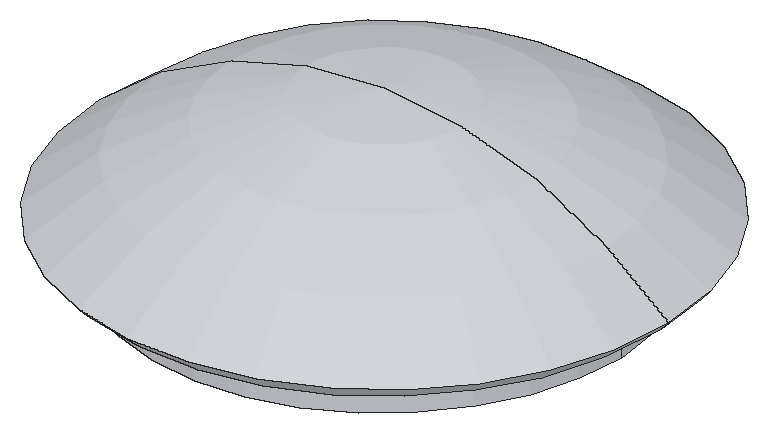
Revit family "0043434", category Lighting Fixtures, host Face, Revit 2017
Family settings
  Host = Face
  Round Connector Dimension = Use Diameter
  Part Type = Normal
  OmniClass Number = 23.80.70.00
  OmniClass Title = Lighting
  Cut with Voids When Loaded = No
  Light Source = Yes
  Shared = No
  Room Calculation Point = No
Parameters (values of type "0043434_3000K START eco Surface IP44 2050LM DIM 830/840 DT")
  YIN_SENSOR_SYL = no
  YIN_360_SYL = yes
  YIN_330_SYL = no
  YIN_250_SYL = no
  YIN_180_SYL = no
  Weight = "3.54 kg"
  Wattage Comments = ""
  Wattage = 24 W
  WarrantyStartDate [instance] = "n/a"
  WarrantyGuarantorParts = "n/a"
  WarrantyDurationUnit = "n/a"
  WarrantyDurationParts = "n/a"
  WarrantyDescription = "n/a"
  built-in parameter 1150110 = 1 (stored number, unit not read)
  Voltage = 0 V
  URL = "http://www.sylvania-lighting.com"
  TypeName = "Start eco Surface IP44 2050lm DIM 830/840 DualTone"
  Type Image = <None>
  Type Comments = "n/a"
  built-in parameter 1114217 = 1 (stored number, unit not read)
  Tilt Angle = -90.00°
  built-in parameter 1150109 = 1 (stored number, unit not read)
  built-in parameter 1150134 = (empty or 0)
  built-in parameter 1150113 = 1 (stored number, unit not read)
  SerialNumber [instance] = "n/a"
  SENSOR_SYL = 12 mm
  Photometric Web File = "0043434_3000K.ies"
  Material_3_SYL = none
  PowerFactor = 0
  PowerConsumption = "n/a"
  NominalLength = 360 mm
  NominalHeight = 100 mm
  NominalDepth = 360 mm
  Name = "Start eco Surface IP44 2050lm DIM 830/840 DualTone"
  ModelReference = Name  # "Start eco Surface IP44 2050lm DIM 830/840 DualTone"
  ModelNumber = "0043434"
  Model = Name  # "Start eco Surface IP44 2050lm DIM 830/840 DualTone"
  Material = "steel housing, other diffuser"
  ManufacturerName = "Feilo Sylvania"
  Manufacturer = "Feilo Sylvania"
  LuminousEfficacy = "n/a"
  built-in parameter 1150105 = (empty or 0)
  Lumens = 0 lm
  LuminaireType = ""
  built-in parameter 1150115 = 1 (stored number, unit not read)
  LightOutputRatio = "n/a"
  built-in parameter 1150137 = (empty or 0)
  built-in parameter 1150139 = (empty or 0)
  LampsType = Lamp  # "LED"
  LampNominalLuminous = "2050 lm"
  LampMacAdamStep = "6"
  LampColourTemperature = "3000 K"
  LampColourRenderingIndex = "80"
  built-in parameter 1150112 = 1 (stored number, unit not read)
  built-in parameter 1150114 = 1 (stored number, unit not read)
  Lamp = "LED"
  LUM_R_SYL = if(YIN_180_SYL, 90 mm, if(YIN_250_SYL, 125 mm, if(YIN_330_SYL, 165 mm, if(YIN_360_SYL, 180 mm, 180 mm))))  # 180 mm
  LUM_R_HEIGHT_SYL = LUM_H_SYL - 30 mm  # 70 mm
  LUM_H_SYL = if(YIN_180_SYL, 75 mm, if(YIN_250_SYL, 80 mm, if(YIN_330_SYL, 96 mm, if(YIN_360_SYL, 100 mm, 100 mm))))  # 100 mm
  Keynote = "16500"
  InstallationDate [instance] = "n/a"
  InputVoltage = "n/a"
  InputNominalFrequency = "n/a"
  built-in parameter 1150132 = (empty or 0)
  built-in parameter 1150102 = (empty or 0)
  built-in parameter 1150107 = 3000 (stored number, unit not read)
  built-in parameter 1150138 = (empty or 0)
  IngressProtection = "IP44"
  ImpactProtectionIndex = "IK03"
  built-in parameter 1150106 = 1.0982 (stored number, unit not read)
  IfcExportType = "IfcLightFixtureType"
  IfcExportAs = "IfcLightFixtureType"
  Emit from Circle Diameter = 609.6 mm
  Emit Shape Visible in Rendering = no
  ElectricShockClassification = "Class I"
  built-in parameter 1150104 = (empty or 0)
  DocumentationLiterature = "http://www.sylvania-lighting.com/product/en-int/products/0043434"
  DimmingControlOptions = "n/a"
  Material_2_SYL = none
  Dimming Lamp Color Temperature Shift = <None>
  Description = ""
  Default Elevation = 1219.2 mm
  CreatedOn = "8/18/2020"
  CreatedBy = "@sylvania-lighting.com"
  Cost = 0
  Color Filter = 16777215
  built-in parameter 1114216 [instance] = (empty or 0)
  ClassificationValue = "EF_70_80"
  ClassificationName = "Uniclass2015"
  Material_1_SYL = none
  BarCode [instance] = "n/a"
  built-in parameter 1114218 = 1 (stored number, unit not read)
  BOTTOM_R_SYL = if(YIN_180_SYL, 76 mm, if(YIN_250_SYL, 110 mm, if(YIN_330_SYL, 150 mm, if(YIN_360_SYL, 150 mm, 150 mm))))  # 150 mm
  BOTTOM_HEIGHT_SYL = LUM_H_SYL - 15 mm  # 85 mm
  built-in parameter 1150133 = 10 (stored number, unit not read)
  AssetType = "Fixed"
  AssetIdentifier [instance] = "n/a"
  Assembly Code = "D5020200"
  Apparent Load = 0 VA
  Material_4_SYL = none
Types (16, lengths in mm): name | YIN_360_SYL | YIN_330_SYL | YIN_250_SYL | YIN_180_SYL | Weight | Wattage | TypeName | built-in parameter 1150134 | Photometric Web File | PowerFactor | PowerConsumption | NominalLength | NominalHeight | NominalDepth | Name | ModelReference | ModelNumber | Model | LuminousEfficacy | built-in parameter 1150105 | Lumens | LampNominalLuminous | LampColourTemperature | LUM_R_SYL | LUM_R_HEIGHT_SYL | LUM_H_SYL | built-in parameter 1150107 | built-in parameter 1150106 | built-in parameter 1150104 | DocumentationLiterature | BOTTOM_R_SYL | BOTTOM_HEIGHT_SYL | Apparent Load
  0043436_3000K START eco Surface IP44 2050LM MW 830/840 DT | yes | no | no | no | "3.42 kg" | 24 W | "Start eco Surface IP44 2050lm MW 830/840 DualTone" | (empty or 0) | "0043436_3000K.ies" | 0 | "n/a" | 360 | 100 | 360 | "Start eco Surface IP44 2050lm MW 830/840 DualTone" | "Start eco Surface IP44 2050lm MW 830/840 DualTone" | "0043436" | "Start eco Surface IP44 2050lm MW 830/840 DualTone" | "n/a" | (empty or 0) | 0 lm | "2050 lm" | "3000 K" | 180 | 70 | 100 | 3000 (stored number, unit not read) | 1.0982 (stored number, unit not read) | (empty or 0) | "http://www.sylvania-lighting.com/product/en-int/products/0043436" | 150 | 85 | 0 VA
  0043435_4000K START eco Surface IP44 1550LM MW 830/840 DT | no | yes | no | no | "3.42 kg" | 18 W | "Start eco Surface IP44 1550lm MW 830/840 DualTone" | 12 | "0043435_4000K.ies" | 0 | "n/a" | 330 | 96 | 330 | "Start eco Surface IP44 1550lm MW 830/840 DualTone" | "Start eco Surface IP44 1550lm MW 830/840 DualTone" | "0043435" | "Start eco Surface IP44 1550lm MW 830/840 DualTone" | "n/a" | (empty or 0) | 0 lm | "1550 lm" | "4000 K" | 165 | 66 | 96 | 4000 (stored number, unit not read) | 1.0982 (stored number, unit not read) | (empty or 0) | "http://www.sylvania-lighting.com/product/en-int/products/0043435" | 150 | 81 | 0 VA
  0043435_3000K START eco Surface IP44 1550LM MW 830/840 DT | no | yes | no | no | "3.42 kg" | 18 W | "Start eco Surface IP44 1550lm MW 830/840 DualTone" | (empty or 0) | "0043435_3000K.ies" | 0 | "n/a" | 330 | 96 | 330 | "Start eco Surface IP44 1550lm MW 830/840 DualTone" | "Start eco Surface IP44 1550lm MW 830/840 DualTone" | "0043435" | "Start eco Surface IP44 1550lm MW 830/840 DualTone" | "n/a" | (empty or 0) | 0 lm | "1550 lm" | "3000 K" | 165 | 66 | 96 | 3000 (stored number, unit not read) | 1.0982 (stored number, unit not read) | (empty or 0) | "http://www.sylvania-lighting.com/product/en-int/products/0043435" | 150 | 81 | 0 VA
  0043434_4000K START eco Surface IP44 2050LM DIM 830/840 DT | yes | no | no | no | "3.54 kg" | 24 W | "Start eco Surface IP44 2050lm DIM 830/840 DualTone" | 12 | "0043434_4000K.ies" | 0 | "n/a" | 360 | 100 | 360 | "Start eco Surface IP44 2050lm DIM 830/840 DualTone" | "Start eco Surface IP44 2050lm DIM 830/840 DualTone" | "0043434" | "Start eco Surface IP44 2050lm DIM 830/840 DualTone" | "n/a" | (empty or 0) | 0 lm | "2050 lm" | "4000 K" | 180 | 70 | 100 | 4000 (stored number, unit not read) | 1.0982 (stored number, unit not read) | (empty or 0) | "http://www.sylvania-lighting.com/product/en-int/products/0043434" | 150 | 85 | 0 VA
  0043434_3000K START eco Surface IP44 2050LM DIM 830/840 DT | yes | no | no | no | "3.54 kg" | 24 W | "Start eco Surface IP44 2050lm DIM 830/840 DualTone" | (empty or 0) | "0043434_3000K.ies" | 0 | "n/a" | 360 | 100 | 360 | "Start eco Surface IP44 2050lm DIM 830/840 DualTone" | "Start eco Surface IP44 2050lm DIM 830/840 DualTone" | "0043434" | "Start eco Surface IP44 2050lm DIM 830/840 DualTone" | "n/a" | (empty or 0) | 0 lm | "2050 lm" | "3000 K" | 180 | 70 | 100 | 3000 (stored number, unit not read) | 1.0982 (stored number, unit not read) | (empty or 0) | "http://www.sylvania-lighting.com/product/en-int/products/0043434" | 150 | 85 | 0 VA
  0043433_4000K START eco Surface IP44 1550LM DIM 830/840 DT | no | yes | no | no | "3.54 kg" | 18 W | "Start eco Surface IP44 1550lm DIM 830/840 DualTone" | 12 | "0043433_4000K.ies" | 0 | "n/a" | 330 | 96 | 330 | "Start eco Surface IP44 1550lm DIM 830/840 DualTone" | "Start eco Surface IP44 1550lm DIM 830/840 DualTone" | "0043433" | "Start eco Surface IP44 1550lm DIM 830/840 DualTone" | "n/a" | (empty or 0) | 0 lm | "1550 lm" | "4000 K" | 165 | 66 | 96 | 4000 (stored number, unit not read) | 1.0982 (stored number, unit not read) | (empty or 0) | "http://www.sylvania-lighting.com/product/en-int/products/0043433" | 150 | 81 | 0 VA
  0043433_3000K START eco Surface IP44 1550LM DIM 830/840 DT | no | yes | no | no | "3.54 kg" | 18 W | "Start eco Surface IP44 1550lm DIM 830/840 DualTone" | (empty or 0) | "0043433_3000K.ies" | 0 | "n/a" | 330 | 96 | 330 | "Start eco Surface IP44 1550lm DIM 830/840 DualTone" | "Start eco Surface IP44 1550lm DIM 830/840 DualTone" | "0043433" | "Start eco Surface IP44 1550lm DIM 830/840 DualTone" | "n/a" | (empty or 0) | 0 lm | "1550 lm" | "3000 K" | 165 | 66 | 96 | 3000 (stored number, unit not read) | 1.0982 (stored number, unit not read) | (empty or 0) | "http://www.sylvania-lighting.com/product/en-int/products/0043433" | 150 | 81 | 0 VA
  0043428_4000K START eco Surface IP44 2050LM 830/840 DT | yes | no | no | no | "3.12 kg" | 24 W | "Start eco Surface IP44 2050lm 830/840 DualTone" | 12 | "0043428_4000K.ies" | 0 | "n/a" | 360 | 100 | 360 | "Start eco Surface IP44 2050lm 830/840 DualTone" | "Start eco Surface IP44 2050lm 830/840 DualTone" | "0043428" | "Start eco Surface IP44 2050lm 830/840 DualTone" | "n/a" | (empty or 0) | 0 lm | "2050 lm" | "4000 K" | 180 | 70 | 100 | 4000 (stored number, unit not read) | 1.0982 (stored number, unit not read) | (empty or 0) | "http://www.sylvania-lighting.com/product/en-int/products/0043428" | 150 | 85 | 0 VA
  0043428_3000K START eco Surface IP44 2050LM 830/840 DT | yes | no | no | no | "3.12 kg" | 24 W | "Start eco Surface IP44 2050lm 830/840 DualTone" | (empty or 0) | "0043428_3000K.ies" | 0 | "n/a" | 360 | 100 | 360 | "Start eco Surface IP44 2050lm 830/840 DualTone" | "Start eco Surface IP44 2050lm 830/840 DualTone" | "0043428" | "Start eco Surface IP44 2050lm 830/840 DualTone" | "n/a" | (empty or 0) | 0 lm | "2050 lm" | "3000 K" | 180 | 70 | 100 | 3000 (stored number, unit not read) | 1.0982 (stored number, unit not read) | (empty or 0) | "http://www.sylvania-lighting.com/product/en-int/products/0043428" | 150 | 85 | 0 VA
  0043427_4000K START eco Surface IP44 1550LM 830/840 DT | no | yes | no | no | "3.12 kg" | 18 W | "Start eco Surface IP44 1550lm 830/840 DualTone" | 12 | "0043427_4000K.ies" | 0 | "n/a" | 330 | 96 | 330 | "Start eco Surface IP44 1550lm 830/840 DualTone" | "Start eco Surface IP44 1550lm 830/840 DualTone" | "0043427" | "Start eco Surface IP44 1550lm 830/840 DualTone" | "n/a" | (empty or 0) | 0 lm | "1550 lm" | "4000 K" | 165 | 66 | 96 | 4000 (stored number, unit not read) | 1.0982 (stored number, unit not read) | (empty or 0) | "http://www.sylvania-lighting.com/product/en-int/products/0043427" | 150 | 81 | 0 VA
  0043427_3000K START eco Surface IP44 1550LM 830/840 DT | no | yes | no | no | "3.12 kg" | 18 W | "Start eco Surface IP44 1550lm 830/840 DualTone" | (empty or 0) | "0043427_3000K.ies" | 0 | "n/a" | 330 | 96 | 330 | "Start eco Surface IP44 1550lm 830/840 DualTone" | "Start eco Surface IP44 1550lm 830/840 DualTone" | "0043427" | "Start eco Surface IP44 1550lm 830/840 DualTone" | "n/a" | (empty or 0) | 0 lm | "1550 lm" | "3000 K" | 165 | 66 | 96 | 3000 (stored number, unit not read) | 1.0982 (stored number, unit not read) | (empty or 0) | "http://www.sylvania-lighting.com/product/en-int/products/0043427" | 150 | 81 | 0 VA
  0043426_4000K START eco Surface IP44 1025LM 830/840 DT | no | no | yes | no | "1.5 kg" | 12 W | "Start eco Surface IP44 1025lm 830/840 DualTone" | 12 | "0043426_4000K.ies" | 0 | "n/a" | 250 | 80 | 250 | "Start eco Surface IP44 1025lm 830/840 DualTone" | "Start eco Surface IP44 1025lm 830/840 DualTone" | "0043426" | "Start eco Surface IP44 1025lm 830/840 DualTone" | "n/a" | (empty or 0) | 0 lm | "1025 lm" | "4000 K" | 125 | 50 | 80 | 4000 (stored number, unit not read) | 1.0982 (stored number, unit not read) | (empty or 0) | "http://www.sylvania-lighting.com/product/en-int/products/0043426" | 110 | 65 | 0 VA
  0043426_3000K START eco Surface IP44 1025LM 830/840 DT | no | no | yes | no | "1.5 kg" | 12 W | "Start eco Surface IP44 1025lm 830/840 DualTone" | (empty or 0) | "0043426_3000K.ies" | 0 | "n/a" | 250 | 80 | 250 | "Start eco Surface IP44 1025lm 830/840 DualTone" | "Start eco Surface IP44 1025lm 830/840 DualTone" | "0043426" | "Start eco Surface IP44 1025lm 830/840 DualTone" | "n/a" | (empty or 0) | 0 lm | "1025 lm" | "3000 K" | 125 | 50 | 80 | 3000 (stored number, unit not read) | 1.0982 (stored number, unit not read) | (empty or 0) | "http://www.sylvania-lighting.com/product/en-int/products/0043426" | 110 | 65 | 0 VA
  0043425_4000K START eco Surface IP44 520LM 830/840 DT | no | no | no | yes | "1.02 kg" | 6 W | "Start eco Surface IP44 520lm 830/840 DualTone" | 12 | "0043425_4000K.ies" | 0.8 | "6 W" | 180 | 75 | 180 | "Start eco Surface IP44 520lm 830/840 DualTone" | "Start eco Surface IP44 520lm 830/840 DualTone" | "0043425" | "Start eco Surface IP44 520lm 830/840 DualTone" | "85 lm/W" | 40.585 (stored number, unit not read) | 510 lm | "520 lm" | "4000 K" | 90 | 45 | 75 | 4000 (stored number, unit not read) | 0.40585 (stored number, unit not read) | 7.8968 (stored number, unit not read) | "http://www.sylvania-lighting.com/product/en-int/products/0043425" | 76 | 60 | 6 VA
  0043425_3000K START eco Surface IP44 520LM 830/840 DT | no | no | no | yes | "1.02 kg" | 6 W | "Start eco Surface IP44 520lm 830/840 DualTone" | (empty or 0) | "0043425_3000K.ies" | 0.8 | "6 W" | 180 | 75 | 180 | "Start eco Surface IP44 520lm 830/840 DualTone" | "Start eco Surface IP44 520lm 830/840 DualTone" | "0043425" | "Start eco Surface IP44 520lm 830/840 DualTone" | "85 lm/W" | 40.585 (stored number, unit not read) | 510 lm | "520 lm" | "3000 K" | 90 | 45 | 75 | 3000 (stored number, unit not read) | 0.40585 (stored number, unit not read) | 7.8968 (stored number, unit not read) | "http://www.sylvania-lighting.com/product/en-int/products/0043425" | 76 | 60 | 6 VA
  0043436_4000K START eco Surface IP44 2050LM MW 830/840 DT | yes | no | no | no | "3.42 kg" | 24 W | "Start eco Surface IP44 2050lm MW 830/840 DualTone" | 12 | "0043436_4000K.ies" | 0 | "n/a" | 360 | 100 | 360 | "Start eco Surface IP44 2050lm MW 830/840 DualTone" | "Start eco Surface IP44 2050lm MW 830/840 DualTone" | "0043436" | "Start eco Surface IP44 2050lm MW 830/840 DualTone" | "n/a" | (empty or 0) | 0 lm | "2050 lm" | "4000 K" | 180 | 70 | 100 | 4000 (stored number, unit not read) | 1.0982 (stored number, unit not read) | (empty or 0) | "http://www.sylvania-lighting.com/product/en-int/products/0043436" | 150 | 85 | 0 VA
Reference planes
  plane 1 "Center (Front/Back)": y = 0
  plane 2: z = 0
  plane 3 "Center (Left/Right)": x = 0
  plane 4: x = -150
  plane 5: x = -180
  plane 6: z = -100
  plane 7: z = -70
  plane 8: z = -85
  plane 9: z = 12
Forms (mm)
  Revolve 1, solid
    sketch origin (0, 0, 0) x (1, 0, 0) y (0, 0, 1)
      loop
        line (0, -100) -> (0, 0)
        arc (0, 0) -> (-96.445, -18.426) -> (-180, -70) r 271.082
        arc (-180, -70) -> (-166.746, -80.992) -> (-150, -85) r 37.967
        line (-150, -85) -> (-150, -100) -> (0, -100)
      axis (0, -100) -> (0, 0)
    angle from 360 to 0
Dimensions and locks
  "BOTTOM_R_SYL": plane 3 "Center (Left/Right)" to plane 4
  "LUM_R_SYL": plane 3 "Center (Left/Right)" to plane 5
  "BOTTOM_HEIGHT_SYL": host face to plane 8
  "LUM_R_HEIGHT_SYL": host face to plane 7
  "LUM_H_SYL": host face to plane 6
  "SENSOR_SYL": plane 9 to host face
  aligned and locked: plane 2 to host face
  aligned and locked: level to host face
  aligned and locked: Revolve 1 sketch curve to plane 6
  aligned and locked: plane 4 to Revolve 1 sketch curve
  aligned and locked: imposter light to Revolve 1 sketch curve
  aligned and locked: Revolve 1 sketch curve to imposter light
Automatic sketch dimensions
  host sketch curve to host sketch curve = 2438.4 mm  (x2)
  Revolve 1 sketch curve to plane 5 = 0 mm
  Revolve 1 sketch curve to plane 8 = 0 mm
  Revolve 1 sketch curve to plane 7 = 0 mm
  plane 4 to Revolve 1 sketch curve = 0.233 mm
  plane 3 "Center (Left/Right)" to Revolve 1 sketch curve = 1.807 mm
